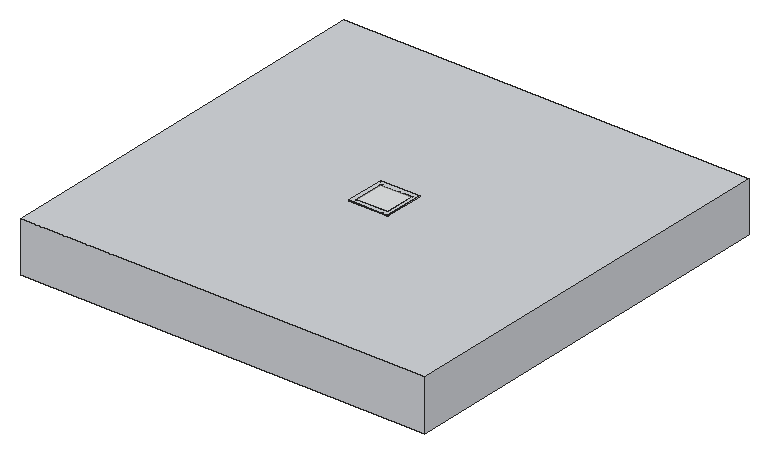
Revit family "962488_V", category Luminaires, Revit 2021
Family settings
  Hôte = Face
  Cote de connecteur circulaire = Utiliser le diamètre
  Type d'élément = Normal
  Numéro OmniClass = 23.80.70.11.14.11
  Titre OmniClass = Downlights
  Couper avec des vides une fois chargée = Oui
  Source d'éclairage = Oui
  Partagée = Oui
  Point de calcul de pièce = Oui
Parameters (values of type "791904")
  Épaisseur collerette = 2 mm
  Épaisseur 2 = 1 mm
  Épaisseur = 10 mm
  URL = "https://www.resistex-sa.com/fr/zephyr-ca-1418lm-bl-3000k-127.html"
  Tension = 230 V  # constant formula
  built-in parameter 1150107 = 3000 (stored number, unit not read)
  Wattage = 18.8 W
  built-in parameter 1150110 = 1 (stored number, unit not read)
  built-in parameter 1150109 = 1 (stored number, unit not read)
  built-in parameter 1114218 = 1 (stored number, unit not read)
  built-in parameter 1150113 = 1 (stored number, unit not read)
  built-in parameter 1150112 = 1 (stored number, unit not read)
  Nombre pôles = 1  # constant formula
  built-in parameter 1150137 = (empty or 0)
  built-in parameter 1150132 = (empty or 0)
  Modèle = "Zephyr"  # constant formula
  Matériau diffuseur = PC Transparent
  Largeur diffuseur = 190 mm
  Largeur 2 = 240 mm
  Largeur = 224.4 mm
  built-in parameter 1150105 = 112.8 (stored number, unit not read)
  built-in parameter 1150102 = (empty or 0)
  Indice de charge = Eclairage
  Image du type = <Aucun>
  IP = "40"  # constant formula
  IK = "08"  # constant formula
  Gradation des changements de température de couleur de lampe = <Aucun>
  Garantie = "5 ans"  # constant formula
  Lumens = 1417.52 lm
  Color Filter = 16777215
  Fichier de distribution photométrique = "791904.ies"
  built-in parameter 1114217 = 1 (stored number, unit not read)
  built-in parameter 1150139 = (empty or 0)
  Fabricant = "Résistex"  # constant formula
  Emit from Rectangle Length = 1219.2 mm
  Emit from Rectangle Width = 609.6 mm
  Emit Shape Visible in Rendering = no
  Default Elevation = 0 mm
  built-in parameter 1150104 = 7.0049 (stored number, unit not read)
  built-in parameter 1150106 = 1.128 (stored number, unit not read)
  built-in parameter 1150115 = 1 (stored number, unit not read)
  built-in parameter 1150114 = 1 (stored number, unit not read)
  Description = "Downlight équipé d'un module LED SMD, efficacité lumineuse de 75.4lm/W"
  Coût = 53.75
  built-in parameter 1150138 = (empty or 0)
  built-in parameter 1150134 = (empty or 0)
  Commentaires relatifs à la puissance = "18.8W"  # constant formula
  Apparent Load = 19.58 VA  # constant formula
  Tilt Angle = 60.00°
  built-in parameter 1150133 = 10 (stored number, unit not read)
Types (3, lengths in mm): name | URL | built-in parameter 1150107 | built-in parameter 1150105 | Lumens | built-in parameter 1150104 | built-in parameter 1150106 | Description | built-in parameter 1150134
  (no name) | "https://www.resistex-sa.com/fr/zephyr-ca-1418lm-bl-3000k-127.html" | 3000 (stored number, unit not read) | 112.8 (stored number, unit not read) | 1417.52 lm | 7.0049 (stored number, unit not read) | 1.128 (stored number, unit not read) | "Downlight équipé d'un module LED SMD, efficacité lumineuse de 75.4lm/W" | (empty or 0)
  791904 | "https://www.resistex-sa.com/fr/zephyr-ca-1418lm-bl-3000k-127.html" | 3000 (stored number, unit not read) | 112.8 (stored number, unit not read) | 1417.52 lm | 7.0049 (stored number, unit not read) | 1.128 (stored number, unit not read) | "Downlight équipé d'un module LED SMD, efficacité lumineuse de 75.4lm/W" | (empty or 0)
  791905 | "https://www.resistex-sa.com/fr/zephyr-ca-1522lm-bl-4000k-128.html" | 4000 (stored number, unit not read) | 121.03 (stored number, unit not read) | 1520.92 lm | 7.5159 (stored number, unit not read) | 1.2103 (stored number, unit not read) | "Downlight équipé d'un module LED SMD, efficacité lumineuse de 80.9lm/W" | 12
Reference planes
  plane 1 "Centre (avant/arrière)": y = 0
  plane 2: z = 0
  plane 3 "Centre (gauche/droite)": x = 0
  plane 4 "Début corps": z = -10
  plane 5: x = -112.2
  plane 6: x = 112.2
  plane 7: y = -112.2
  plane 8: y = 112.2
  plane 9: x = -120
  plane 10: x = 120
  plane 11: y = 120
  plane 12: y = -120
  plane 13 "Face collerette": z = 2
  plane 14: x = -95
  plane 15: x = 95
  plane 16: y = 95
  plane 17: y = -95
Forms (mm)
  Extrusion 1, solid
    sketch origin (0, 0, 0) x (1, 0, 0) y (0, 1, 0)
      loop
        line (-1219.2, 1219.2) -> (-1219.2, -1219.2) -> (1219.2, -1219.2) -> (1219.2, 1219.2) -> (-1219.2, 1219.2)
    from 0 to -304.8
  Extrusion 2, solid
    sketch origin (0, 0, -10) x (-1, 0, 0) y (0, -1, 0)
      loop
        line (112.2, -112.2) -> (112.2, 112.2) -> (-112.2, 112.2) -> (-112.2, -112.2) -> (112.2, -112.2)
    from 0 to 10 <- "Épaisseur"
  Extrusion 3, solid
    sketch origin (0, 0, 0) x (1, 0, 0) y (0, 1, 0)
      loop
        line (-120, 120) -> (-120, -120) -> (120, -120) -> (120, 120) -> (-120, 120)
    from 0 to 2 <- "Épaisseur collerette"
  Extrusion 4, void
    sketch origin (0, 0, 0) x (1, 0, 0) y (0, 1, 0)
      loop
        line (-95, 95) -> (-95, -95) -> (95, -95) -> (95, 95) -> (-95, 95)
    from 0 to 2 <- "Épaisseur collerette"
  Extrusion 5, solid, material "PC Transparent" <- "Matériau diffuseur"
    sketch origin (0, 0, 0) x (1, 0, 0) y (0, 1, 0)
      loop
        line (-95, 95) -> (-95, -95) -> (95, -95) -> (95, 95) -> (-95, 95)
    from 0 to 1 <- "Épaisseur 2"
Cuts and joins
  Extrusion 4 cuts Extrusion 3
Dimensions and locks
  "Épaisseur": level to plane 4 "Début corps"
  equal spacing: plane 5, plane 3 "Centre (gauche/droite)", plane 6
  "Largeur": plane 5 to plane 6
  equal spacing: plane 7, plane 1 "Centre (avant/arrière)", plane 8
  "Largeur": plane 7 to plane 8
  equal spacing: plane 11, plane 1 "Centre (avant/arrière)", plane 12
  "Largeur 2": plane 11 to plane 12
  equal spacing: plane 9, plane 3 "Centre (gauche/droite)", plane 10
  "Largeur 2": plane 9 to plane 10
  "Épaisseur collerette": plane 13 "Face collerette" to level
  equal spacing: plane 14, imposter light, plane 15
  "Largeur diffuseur": plane 14 to plane 15
  equal spacing: plane 17, imposter light, plane 16
  "Largeur diffuseur": plane 17 to plane 16
  aligned and locked: plane 2 to Extrusion 1
  aligned and locked: level to Extrusion 1
  aligned and locked: plane 8 to Extrusion 2 sketch curve
  aligned and locked: plane 5 to Extrusion 2 sketch curve
  aligned and locked: plane 7 to Extrusion 2 sketch curve
  aligned and locked: Extrusion 2 sketch curve to plane 6
  aligned and locked: Extrusion 3 sketch curve to plane 11
  aligned and locked: plane 9 to Extrusion 3 sketch curve
  aligned and locked: Extrusion 3 sketch curve to plane 12
  aligned and locked: Extrusion 3 sketch curve to plane 10
  aligned and locked: plane 16 to Extrusion 4 sketch curve
  aligned and locked: plane 14 to Extrusion 4 sketch curve
  aligned and locked: plane 17 to Extrusion 4 sketch curve
  aligned and locked: plane 15 to Extrusion 4 sketch curve
  aligned and locked: Extrusion 5 sketch curve to Extrusion 4  (x4)
Automatic sketch dimensions
  Extrusion 1 sketch curve to Extrusion 1 sketch curve = 2438.4 mm  (x2)
Connectors
  electrical at (0, 0, 0), driven by "Nombre pôles", driven by "Indice de charge", driven by "Tension", driven by "Apparent Load"
    settings: on cut or joined group of Extrusion 3, Extrusion 4, index 1, voltage 230 V, apparent load 0 VA, apparent load phase1 19.58 VA, apparent load phase2 0 VA, apparent load phase3 0 VA, power factor 1, load classification "Eclairage", number of poles 1, system type 31, power factor state 1, is connector primary yes, connector utility no, sub classification motor no, connector description ""
